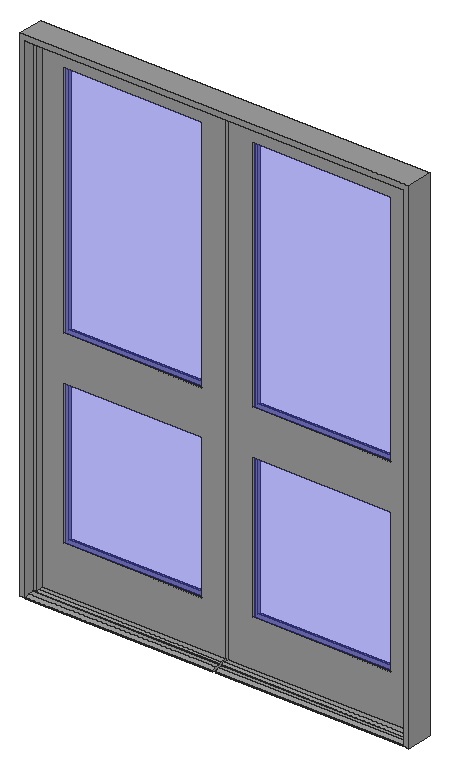
Revit family "MSD-375BM DOOR-Double-1-PD-CW_v04", category Curtain Panels, Revit 2015
Parameters
  Width [instance] = 6' - 2"
  URL = "obe.com"
  Rough Width [instance] = 6' - 0"
  Panel Width [instance] = Min Rough Width - 0' 3"  # 5' - 11"
  Panel Offset [instance] = 0' - 0"
  Offset [instance] = 0' - 1"
  Model = "MSD-375 DOOR"
  Min Rough Width [instance] = if(Rough Width > 6' 1 255/256", Rough Width, 6' 2")  # 6' - 2"
  Min Panel Width [instance] = if(Rough Width > 6' 1 255/256", Rough Width - 0' 2", 6' 0")  # 6' - 0"
  Manufacturer = "Oldcastle BuildingEnvelope®"
  Keynote = "08 11 00"
  Height [instance] = 8' - 0"
  Pushbar Height [instance] = 3' - 5 1/4"  # constant formula
  Glass Material = Glass
  Frame Material = Aluminum
  Door Panel Height [instance] = Height - 0' 0 3/4"  # 7' - 11 1/4"
  Description = "MSD-375 - 1\" Door Infill"
  Assembly Code = "B2030"
  Analytic Construction = "<None>"
  8 Muntin [instance] = not([6.5 Muntin])  # no
  6.5 Muntin [instance] = yes
Reference planes (in)
  plane 1 "Front": y = 0
  plane 2: z = 0
  plane 3 "Center (Left/Right)": x = 0
  plane 4 "Left": x = -37
  plane 5 "Right": x = 37
  plane 6 "Top": z = 96
  plane 7 "Offset": y = -1
  plane 8: y = -1.86325
  plane 9: y = -1.86325
  plane 10: x = -37
  plane 11: x = 37
Forms (in)
  Sweep 1, solid, material "Aluminum" <- "Frame Material"
    path origin (0, -1, 0) x (-1, 0, 0) y (0, 0, 1)
      loop
        line (37, 0) -> (37, 96)
    profile origin (-37, -1, 48) x (1, 0, 0) y (0, 1, 0)
      loop
        line (1, -1.875) -> (1, 0) -> (0, 0) -> (0, -5) -> (1, -5) -> (1, -3.26476) -> (1.75, -3.26476) -> (1.75, -1.875) -> (1, -1.875)
  Sweep 2, solid, material "Aluminum" <- "Frame Material"
    path origin (0, -1, 0) x (-1, 0, 0) y (0, 0, 1)
      loop
        line (-37, 0) -> (-37, 96)
    profile origin (37, -1, 48) x (1, 0, 0) y (0, 1, 0)
      loop
        line (-1, -1.875) -> (-1.75, -1.875) -> (-1.75, -3.26476) -> (-1, -3.26476) -> (-1, -5) -> (0, -5) -> (0, 0) -> (-1, 0) -> (-1, -1.875)
  Sweep 3, solid, material "Aluminum" <- "Frame Material"
    path origin (0, -1, 0) x (-1, 0, 0) y (0, 0, 1)
      loop
        line (-37, 96) -> (37, 96)
    profile origin (0, -1, 96) x (0, 0, 1) y (0, 1, 0)
      loop
        line (-1, 0) -> (-1, -1.875) -> (-1.75, -1.875) -> (-1.75, -3.26476) -> (-1, -3.26476) -> (-1, -5) -> (0, -5) -> (0, 0) -> (-1, 0)
Cuts and joins
  joined: Sweep 1, Sweep 2, Sweep 3
Text (in)
  text "Exterior" at (-54.29358, 31.38743, 0), in view "Ref. Level"
  text "Exterior" at (480, 41.53993, 89.60405), in view "Right"
  text "Exterior" at (-240, 57.82419, 105.78864), in view "Left"
Dimensions and locks (in)
  equal spacing: plane 4 "Left", plane 3 "Center (Left/Right)", plane 5 "Right"
  "Width": plane 4 "Left" to plane 5 "Right"
  "Height": plane 6 "Top" to plane 2
  "Offset": plane 1 "Front" to plane 7 "Offset"
  locked: plane 7 "Offset" to plane 9 at 0.86325
  locked: plane 7 "Offset" to nested 2 at 0.86325
  locked: plane 6 "Top" to nested 2 at 1.25
  locked: plane 7 "Offset" to plane 8 at 0.86325
  equal spacing: plane 10, plane 3 "Center (Left/Right)", plane 11
  "Min Rough Width": plane 10 to plane 11
  locked: nested 3 to plane 10 at 1.25
  locked: plane 11 to nested 4 at 1.25
  aligned and locked: level to plane 2
  aligned and locked: plane 6 "Top" to Sweep 1 sketch curve
  aligned and locked: level to Sweep 1 sketch curve
  aligned and locked: plane 6 "Top" to Sweep 2 sketch curve
  aligned and locked: level to Sweep 2 sketch curve
  aligned and locked: plane 3 "Center (Left/Right)" to nested 1
  aligned and locked: plane 6 "Top" to Sweep 3 sketch curve
  aligned and locked: plane 9 to nested 3
  aligned and locked: plane 8 to nested 4
  aligned and locked: plane 11 to Sweep 2 sketch curve
  aligned and locked: Sweep 1 sketch curve to plane 10
  aligned and locked: plane 10 to Sweep 3 sketch curve
  aligned and locked: plane 11 to Sweep 3 sketch curve
  aligned and locked: nested 1 to plane 7 "Offset"
Automatic sketch dimensions
  Sweep 1 sketch curve to profile plane = 0' - 0"
  Sweep 1 sketch curve to plane 7 "Offset" = 0' - 0"
  Sweep 1 sketch curve to profile plane = 0' - 1"  (x2)
  Sweep 1 sketch curve to Sweep 1 sketch curve = 0' - 0 3/4"
  Sweep 1 sketch curve to plane 7 "Offset" = 0' - 1 7/8"
  Sweep 1 sketch curve to Sweep 1 sketch curve = 0' - 1.38976"
  Sweep 1 sketch curve to Sweep 1 sketch curve = 0' - 1.73524"
  Sweep 2 sketch curve to plane 7 "Offset" = 0' - 0"
  Sweep 2 sketch curve to profile plane = 0' - 0"
  profile plane to Sweep 2 sketch curve = 0' - 1"
  Sweep 2 sketch curve to Sweep 2 sketch curve = 0' - 1"
  Sweep 2 sketch curve to Sweep 2 sketch curve = 0' - 0 3/4"
  Sweep 2 sketch curve to plane 7 "Offset" = 0' - 1 7/8"
  Sweep 2 sketch curve to Sweep 2 sketch curve = 0' - 1.38976"
  Sweep 2 sketch curve to Sweep 2 sketch curve = 0' - 1.73524"
  Sweep 3 sketch curve to plane 7 "Offset" = 0' - 0"
  profile plane to Sweep 3 sketch curve = 0' - 0"
  profile plane to Sweep 3 sketch curve = 0' - 1"
  Sweep 3 sketch curve to plane 7 "Offset" = 0' - 1 7/8"
  Sweep 3 sketch curve to Sweep 3 sketch curve = 0' - 0 3/4"  (x2)
  Sweep 3 sketch curve to Sweep 3 sketch curve = 0' - 1.38976"
  Sweep 3 sketch curve to Sweep 3 sketch curve = 0' - 1.73524"
Nested families (in)
  nested 1: "MSD-375BM DOOR-Double-1-PD-Panel_v03" at (0, -16, 0), Frame Material <- "Frame Material", Glass Material <- "Glass Material", 6.5 Muntin <- "6.5 Muntin", 8 Muntin <- "8 Muntin", Height <- "Door Panel Height", Width <- "Min Panel Width", Offset <- "Offset", type "MSD-375 DOOR-Double-1-Panel"
    with Wing Width 3' - 0", built-in parameter 1001301 6' - 0", Pushbar Height 3' - 5 1/4", Offset 0' - 1", built-in parameter 1001300 7' - 11 1/4", Glass at Muntin 0' - 6 15/16", Glass Material Glass, Frame Material Aluminum, 8 Muntin no, 6.5 Muntin yes
  nested 2: "TOP FRAME" at (-33, -1.86325, 97.25) x (0, -1, 0) z (-1, 0, 0), type "TOP FRAME"
  nested 3: "EDGE FRAME R" at (-38.25, -1.86325, 0) x (-1, 0, 0) z (0, 0, 1), type "EDGE FRAME R"
  nested 4: "EDGE FRAME R" at (38.25, -1.86325, 0), type "EDGE FRAME R"
Definition of nested family "MSD-375BM DOOR-Double-1-PD-Panel_v03"
  Parameters (values of type "MSD-375 DOOR-Double-1-Panel")
    Wing Width [instance] = Width / 2  # 2' - 6"
    Width [instance] = 5' - 0"
    Offset [instance] = 0' - 2.42695"
    Height [instance] = 8' - 0"
    Glass at Muntin [instance] = if([6.5 Muntin], 0' 6 15/16", 0' 8 7/16")  # 0' - 6 15/16"
    Pushbar Height [instance] = 3' - 5 1/4"  # constant formula
    Glass Material [instance] = none
    Frame Material [instance] = none
    Analytic Construction = "<None>"
    8 Muntin [instance] = not([6.5 Muntin])  # no
    6.5 Muntin [instance] = yes
  Reference planes (in)
    plane 1 "00": y = 12.4793
    plane 2: z = 0
    plane 3 "Center (Left/Right)": x = 0
    plane 4: z = 96
    plane 5: x = -30
    plane 6: x = 30
    plane 7 "Center (Front/Back)": y = 16
    plane 8: z = 48
    plane 9: z = 8.90625
    plane 10: z = 44.71875
    plane 11: z = 37.78125
    plane 12: z = 92.406
    plane 13: z = 0
    plane 14: x = -25.9065
    plane 15: x = 25.9065
    plane 16 "Offset": y = 13.57305
    plane 17: z = 41.25
  Forms (in)
    Sweep 1, solid, material <- "Frame Material"
      path origin (0, 12.4793, 0) x (1, 0, 0) y (0, 0, 1)
        loop
          line (-29.8285, 96) -> (-0.22003, 96)
      profile origin (-15.02427, 12.4793, 96) x (0, 0, 1) y (0, -1, 0)
        loop
          line (-0.25, -0.957) -> (-0.25, 0.793) -> (-4.375, 0.793) -> (-4.375, 0.5) -> (-3.594, 0.5) -> (-3.594, -0.5) -> (-4.375, -0.5) -> (-4.375, -0.957) -> (-0.25, -0.957)
    Sweep 2, solid, material <- "Frame Material"
      path origin (0, 12.4793, 0) x (1, 0, 0) y (0, 0, 1)
        loop
          line (-0.22003, 0) -> (-29.8285, 0)
      profile origin (-15.02427, 12.4793, 0) x (0, 0, -1) y (0, -1, 0)
        loop
          line (-0.562, 2.3005) -> (-0.844, 1.8115) -> (-0.844, 0.793) -> (-9.6875, 0.793) -> (-9.6875, 0.5) -> (-8.9065, 0.5) -> (-8.9065, -0.5) -> (-9.6875, -0.5) -> (-9.6875, -0.957) -> (-0.5, -0.957) -> (-0.125, -1.707) -> (0, -1.707) -> (0, 3.918) -> (-0.125, 3.918) -> (-0.5, 3.168) -> (-0.5, 2.3005) -> (-0.562, 2.3005)
    Sweep 3, solid, material <- "Frame Material"
      path origin (0, 12.4793, 0) x (1, 0, 0) y (0, 0, 1)
        loop
          line (30, 95.75) -> (30, 0)
      profile origin (30, 12.4793, 47.875) x (0, -1, 0) y (1, 0, 0)
        loop
          line (-0.957, -0.0625) -> (-0.957, -4.80702) -> (-0.5, -4.80702) -> (-0.5, -4.0935) -> (0.5, -4.0935) -> (0.5, -4.80702) -> (0.793, -4.80702) -> (0.793, -0.1715) -> (-0.957, -0.0625)
    Sweep 4, solid, material <- "Frame Material"
      path origin (0, 12.4793, 0) x (1, 0, 0) y (0, 0, 1)
        loop
          line (-30, 95.75) -> (-30, 0)
      profile origin (-30, 12.4793, 47.875) x (0, -1, 0) y (1, 0, 0)
        loop
          line (0.793, 4.8125) -> (0.5, 4.8125) -> (0.5, 4.0935) -> (-0.5, 4.0935) -> (-0.5, 4.8125) -> (-0.957, 4.8125) -> (-0.957, 0.0625) -> (0.793, 0.1715) -> (0.793, 4.8125)
    Sweep 5, solid, material <- "Frame Material"
      path origin (0, 12.4793, 0) x (1, 0, 0) y (0, 0, 1)
        loop
          line (-4.09349, 48) -> (-25.9065, 48)
      profile origin (-15, 12.4793, 48) x (0, 0, -1) y (0, -1, 0)
        loop
          line (2.50025, -0.5) -> (2.50025, -0.957) -> (11.00025, -0.957) -> (11.00025, -0.5) -> (10.21875, -0.5) -> (10.21875, 0.5) -> (11.00025, 0.5) -> (11.00025, 0.793) -> (2.50025, 0.793) -> (2.50025, 0.5) -> (3.28125, 0.5) -> (3.28125, -0.5) -> (2.50025, -0.5)
    Sweep 6, solid, material <- "Frame Material"
      path origin (0, 12.4793, 0) x (1, 0, 0) y (0, 0, 1)
        loop
          line (0, 95.75) -> (0, 0)
      profile origin (0, 12.4793, 47.875) x (0, -1, 0) y (1, 0, 0)
        loop
          line (-0.957, -4.81249) -> (-0.5, -4.81249) -> (-0.5, -4.09349) -> (0.5, -4.09349) -> (0.5, -4.81249) -> (0.793, -4.81249) -> (0.793, -0.22003)
          arc (0.793, -0.22003) -> (-0.082, -0.06251) -> (-0.957, -0.22003) r 2.50889
          line (-0.957, -0.22003) -> (-0.957, -4.81249)
        loop
          line (0.793, 0.22063) -> (0.793, 4.81251) -> (0.5, 4.81251) -> (0.5, 4.09351) -> (-0.5, 4.09351) -> (-0.5, 4.81251) -> (-0.957, 4.81251) -> (-0.957, 0.22063)
          arc (-0.957, 0.22063) -> (-0.082, 0.06251) -> (0.793, 0.22063) r 2.5
    Sweep 7, solid, material <- "Frame Material"
      path origin (0, 12.4793, 0) x (1, 0, 0) y (0, 0, 1)
        loop
          line (0.22063, 96) -> (29.8285, 96)
      profile origin (15.02457, 12.4793, 96) x (0, 0, 1) y (0, -1, 0)
        loop
          line (-4.5, -0.957) -> (-0.25, -0.957) -> (-0.25, 0.793) -> (-4.5, 0.793) -> (-4.5, 0.5) -> (-3.594, 0.5) -> (-3.594, -0.5) -> (-4.5, -0.5) -> (-4.5, -0.957)
    Sweep 8, solid, material <- "Frame Material"
      path origin (0, 12.4793, 0) x (1, 0, 0) y (0, 0, 1)
        loop
          line (25.9065, 48) -> (4.09351, 48)
      profile origin (15.00001, 12.4793, 48) x (0, 0, -1) y (0, -1, 0)
        loop
          line (2.50025, 0.5) -> (3.28125, 0.5) -> (3.28125, -0.5) -> (2.50025, -0.5) -> (2.50025, -0.957) -> (11.00025, -0.957) -> (11.00025, -0.5) -> (10.21875, -0.5) -> (10.21875, 0.5) -> (11.00025, 0.5) -> (11.00025, 0.793) -> (2.50025, 0.793) -> (2.50025, 0.5)
    Sweep 9, solid, material <- "Frame Material"
      path origin (0, 12.4793, 0) x (1, 0, 0) y (0, 0, 1)
        loop
          line (29.8285, 0) -> (0.22063, 0)
      profile origin (15.02457, 12.4793, 0) x (0, 0, -1) y (0, -1, 0)
        loop
          line (-0.5, -0.957) -> (-0.125, -1.707) -> (0, -1.707) -> (0, 3.918) -> (-0.125, 3.918) -> (-0.5, 3.168) -> (-0.5, 2.3005) -> (-0.562, 2.3005) -> (-0.844, 1.8115) -> (-0.844, 0.793) -> (-9.6875, 0.793) -> (-9.6875, 0.5) -> (-8.90625, 0.5) -> (-8.90625, -0.5) -> (-9.6875, -0.5) -> (-9.6875, -0.957) -> (-0.5, -0.957)
    Extrusion 10, solid, material <- "Glass Material", detail levels coarse
      sketch origin (0, 0, 0) x (1, 0, 0) y (0, 1, 0)
        loop
          line (4.09351, 12.9793) -> (4.09351, 11.9793) -> (25.9065, 11.9793) -> (25.9065, 12.9793) -> (4.09351, 12.9793)
      from 37.78125 to 8.90625
    Extrusion 11, solid, material <- "Glass Material", detail levels medium+fine
      sketch origin (0, 0, 0) x (1, 0, 0) y (0, 1, 0)
        loop
          line (4.09351, 12.9793) -> (4.09351, 12.7293) -> (25.9065, 12.7293) -> (25.9065, 12.9793) -> (4.09351, 12.9793)
        loop
          line (25.9065, 12.2293) -> (4.09351, 12.2293) -> (4.09351, 11.9793) -> (25.9065, 11.9793) -> (25.9065, 12.2293)
      from 8.90625 to 37.78125
    Extrusion 12, solid, material <- "Glass Material", detail levels medium+fine
      sketch origin (0, 0, 0) x (1, 0, 0) y (0, 1, 0)
        loop
          line (25.9065, 12.9793) -> (4.09351, 12.9793) -> (4.09351, 12.7293) -> (25.9065, 12.7293) -> (25.9065, 12.9793)
        loop
          line (25.9065, 12.2293) -> (4.09351, 12.2293) -> (4.09351, 11.9793) -> (25.9065, 11.9793) -> (25.9065, 12.2293)
      from 44.71875 to 92.406
    Extrusion 13, solid, material <- "Glass Material", detail levels coarse
      sketch origin (0, 0, 0) x (1, 0, 0) y (0, 1, 0)
        loop
          line (4.09351, 12.9793) -> (4.09351, 11.9793) -> (25.9065, 11.9793) -> (25.9065, 12.9793) -> (4.09351, 12.9793)
      from 44.71875 to 92.406
    Extrusion 14, solid, material <- "Glass Material", detail levels medium+fine
      sketch origin (0, 0, 0) x (1, 0, 0) y (0, 1, 0)
        loop
          line (-4.09349, 12.9793) -> (-25.9065, 12.9793) -> (-25.9065, 12.7293) -> (-4.09349, 12.7293) -> (-4.09349, 12.9793)
        loop
          line (-25.9065, 12.2293) -> (-25.9065, 11.9793) -> (-4.09349, 11.9793) -> (-4.09349, 12.2293) -> (-25.9065, 12.2293)
      from 8.90625 to 37.78125
    Extrusion 15, solid, material <- "Glass Material", detail levels coarse
      sketch origin (0, 0, 0) x (1, 0, 0) y (0, 1, 0)
        loop
          line (-4.09349, 12.9793) -> (-25.9065, 12.9793) -> (-25.9065, 11.9793) -> (-4.09349, 11.9793) -> (-4.09349, 12.9793)
      from 44.71875 to 92.406
    Extrusion 16, solid, material <- "Glass Material", detail levels coarse
      sketch origin (0, 0, 0) x (1, 0, 0) y (0, 1, 0)
        loop
          line (-25.9065, 12.9793) -> (-25.9065, 11.9793) -> (-4.09349, 11.9793) -> (-4.09349, 12.9793) -> (-25.9065, 12.9793)
      from 8.90625 to 37.78125
    Extrusion 17, solid, material <- "Glass Material", detail levels medium+fine
      sketch origin (0, 0, 0) x (1, 0, 0) y (0, 1, 0)
        loop
          line (-4.09349, 11.9793) -> (-4.09349, 12.2293) -> (-25.9065, 12.2293) -> (-25.9065, 11.9793) -> (-4.09349, 11.9793)
        loop
          line (-25.9065, 12.7293) -> (-4.09349, 12.7293) -> (-4.09349, 12.9793) -> (-25.9065, 12.9793) -> (-25.9065, 12.7293)
      from 44.71875 to 92.406
  Cuts and joins
    joined: Sweep 1, Sweep 2, Sweep 3, Sweep 4, Sweep 5, Sweep 6, Sweep 7, Sweep 8, Sweep 9
  Lines and regions (in)
    model lines
      curve 1: line (4.09351, 12.4793, 92.406) -> (25.19298, 12.4793, 48)
      curve 2: line (25.19298, 12.4793, 48) -> (4.09351, 12.4793, 8.90625)
      curve 3: line (-4.09349, 12.4793, 92.406) -> (-25.1875, 12.4793, 48)
      curve 4: line (-25.1875, 12.4793, 48) -> (-4.09349, 12.4793, 8.90625)
  Dimensions and locks (in)
    "Height": plane 4 to level
    equal spacing: plane 5, plane 3 "Center (Left/Right)", plane 6
    "Offset": plane 16 "Offset" to plane 7 "Center (Front/Back)"
    equal spacing: level, plane 8, plane 4
    locked: plane 3 "Center (Left/Right)" to Sweep 2 sketch curve at 0.22003
    locked: Sweep 3 sketch curve to plane 4 at 0.25
    locked: Sweep 4 sketch curve to plane 4 at 0.25
    locked: plane 3 "Center (Left/Right)" to Sweep 1 sketch curve at 0.22003
    locked: plane 3 "Center (Left/Right)" to Sweep 5 sketch curve at 4.09349
    locked: Sweep 7 sketch curve to plane 3 "Center (Left/Right)" at 0.22063
    locked: Sweep 8 sketch curve to plane 3 "Center (Left/Right)" at 4.09351
    locked: Sweep 9 sketch curve to plane 3 "Center (Left/Right)" at 0.22063
    locked: Sweep 6 sketch curve to plane 4 at 0.25
    equal spacing: plane 4, plane 8, plane 13
    locked: plane 4 to plane 12 at 3.594
    locked: plane 9 to plane 13 at 8.90625
    locked: plane 5 to plane 14 at 4.0935
    locked: plane 15 to plane 6 at 4.0935
    locked: Sweep 2 sketch curve to plane 5 at 0.1715
    locked: plane 6 to Sweep 9 sketch curve at 0.1715
    "Width": plane 5 to plane 6
    locked: plane 1 "00" to plane 16 "Offset" at 1.09375
    locked: plane 11 to Sweep 8 sketch curve at 0.7815  (x2)
    locked: Sweep 8 sketch curve to plane 10 at 0.781
    locked: plane 10 to Sweep 8 sketch curve at 0.781
    locked: plane 11 to Sweep 5 sketch curve at 0.7815  (x2)
    locked: Sweep 5 sketch curve to plane 10 at 0.781  (x2)
    locked: plane 6 to Sweep 7 sketch curve at 0.1715
    locked: Sweep 1 sketch curve to plane 5 at 0.1715
    locked: Sweep 5 sketch curve to plane 5 at 4.0935
    plane 16 "Offset" to Extrusion 13 sketch curve to Extrusion 13 sketch curve = 0' - 0 19/32" locked, 0' - 1" locked
    Extrusion 12 sketch curve to Extrusion 12 sketch curve to plane 16 "Offset" = 0' - 0 1/4" locked, 0' - 0 19/32" locked
    Extrusion 17 sketch curve to Extrusion 17 sketch curve to Extrusion 17 sketch curve to Extrusion 17 sketch curve to plane 16 "Offset" = 0' - 0 1/4" locked, 0' - 0 1/2" locked, 0' - 0 1/4" locked, 0' - 0 19/32" locked
    Extrusion 15 sketch curve to Extrusion 15 sketch curve to plane 16 "Offset" = 0' - 1" locked, 0' - 0 19/32" locked
    plane 16 "Offset" to Extrusion 11 sketch curve to Extrusion 11 sketch curve to Extrusion 11 sketch curve to Extrusion 11 sketch curve = 0' - 0 19/32" locked, 0' - 0 1/4" locked, 0' - 0 1/2" locked, 0' - 0 1/4" locked
    plane 16 "Offset" to Extrusion 10 sketch curve to Extrusion 10 sketch curve = 0' - 0 19/32" locked, 0' - 1" locked
    plane 16 "Offset" to Extrusion 16 sketch curve to Extrusion 16 sketch curve = 0' - 0 19/32" locked, 0' - 1" locked
    Extrusion 14 sketch curve to Extrusion 14 sketch curve to Extrusion 14 sketch curve to Extrusion 14 sketch curve to plane 16 "Offset" = 0' - 0 1/4" locked, 0' - 0 1/2" locked, 0' - 0 1/4" locked, 0' - 0 19/32" locked
    "Glass at Muntin": plane 10 to plane 11
    equal spacing: plane 11, plane 17, plane 10
    "Pushbar Height": level to plane 17
    locked: plane 6 to Sweep 8 sketch curve at 4.0935
    aligned and locked: plane 2 to level
    aligned and locked: plane 3 "Center (Left/Right)" to nested 1
    aligned and locked: Sweep 1 sketch curve to plane 4
    aligned and locked: Sweep 2 sketch curve to level
    aligned and locked: level to nested 2
    aligned and locked: nested 2 to plane 1 "00"
    aligned and locked: level to Sweep 3 sketch curve
    aligned and locked: level to Sweep 4 sketch curve
    aligned and locked: Sweep 5 sketch curve to plane 8
    aligned and locked: plane 3 "Center (Left/Right)" to Sweep 6 sketch curve
    aligned and locked: level to Sweep 6 sketch curve
    aligned and locked: Sweep 9 sketch curve to level
    aligned and locked: Sweep 8 sketch curve to plane 8
    aligned and locked: plane 4 to Sweep 7 sketch curve
    aligned and locked: Extrusion 14 to plane 9
    aligned and locked: plane 11 to Extrusion 14
    aligned and locked: Extrusion 15 to plane 10
    aligned and locked: plane 12 to Extrusion 15
    aligned and locked: Extrusion 17 to plane 10
    aligned and locked: plane 12 to Extrusion 17
    aligned and locked: Extrusion 16 to plane 9
    aligned and locked: plane 11 to Extrusion 16
    aligned and locked: Extrusion 12 to plane 10
    aligned and locked: plane 12 to Extrusion 12
    aligned and locked: plane 12 to Extrusion 13
    aligned and locked: Extrusion 13 to plane 10
    aligned and locked: plane 11 to Extrusion 10
    aligned and locked: plane 11 to Extrusion 11
    aligned and locked: Extrusion 11 to plane 9
    aligned and locked: Extrusion 10 to plane 9
    aligned and locked: plane 8 to curve 4
    aligned and locked: Sweep 3 sketch curve to plane 6
    aligned and locked: Sweep 4 sketch curve to plane 5
    aligned and locked: Extrusion 13 to plane 15
    aligned and locked: Extrusion 15 to plane 14
    aligned and locked: Extrusion 16 to plane 14
    aligned and locked: Extrusion 12 to plane 15
    aligned and locked: plane 1 "00" to nested 1
    aligned and locked: Extrusion 16 to nested 1
    aligned and locked: Extrusion 14 to nested 1  (x2)
  Automatic sketch dimensions
    plane 3 "Center (Left/Right)" to Extrusion 13 sketch curve = 0' - 4.09351"
    Extrusion 13 sketch curve to plane 15 = 0' - 0"
    Extrusion 15 sketch curve to plane 14 = 0' - 0"
    Extrusion 15 sketch curve to plane 3 "Center (Left/Right)" = 0' - 4.09349"
    Extrusion 16 sketch curve to plane 14 = 0' - 0"
    Extrusion 16 sketch curve to plane 3 "Center (Left/Right)" = 0' - 4.09349"
    Extrusion 10 sketch curve to plane 15 = 0' - 0"
    plane 3 "Center (Left/Right)" to Extrusion 10 sketch curve = 0' - 4.09351"
    Sweep 5 sketch curve to plane 1 "00" = 0' - 0.957"
    Sweep 5 sketch curve to plane 1 "00" = 0' - 0 1/2"  (x2)
    plane 1 "00" to Sweep 5 sketch curve = 0' - 0 1/2"  (x2)
    Sweep 5 sketch curve to Sweep 5 sketch curve = 0' - 0.7815"
    Sweep 5 sketch curve to Sweep 5 sketch curve = 0' - 0.781"
    Sweep 5 sketch curve to Sweep 5 sketch curve = 0' - 0.293"
    Sweep 9 sketch curve to profile plane = 0' - 0"
    profile plane to Sweep 9 sketch curve = 0' - 0 1/8"  (x2)
    profile plane to Sweep 9 sketch curve = 0' - 0 1/2"  (x2)
    Sweep 9 sketch curve to Sweep 9 sketch curve = 0' - 0.062"
    Sweep 9 sketch curve to Sweep 9 sketch curve = 0' - 0.282"
    Sweep 9 sketch curve to plane 1 "00" = 0' - 0 1/2"
    Sweep 9 sketch curve to Sweep 9 sketch curve = 0' - 8.06225"
    Sweep 9 sketch curve to Sweep 9 sketch curve = 0' - 0 25/32"  (x2)
    Sweep 9 sketch curve to plane 1 "00" = 0' - 0.957"
    Sweep 9 sketch curve to Sweep 9 sketch curve = 0' - 0 3/4"  (x2)
    plane 1 "00" to Sweep 9 sketch curve = 0' - 0 1/2"
    Sweep 9 sketch curve to Sweep 9 sketch curve = 0' - 0.293"
    Sweep 9 sketch curve to Sweep 9 sketch curve = 0' - 1.0185"
    Sweep 9 sketch curve to Sweep 9 sketch curve = 0' - 0.489"
    Sweep 9 sketch curve to Sweep 9 sketch curve = 0' - 0.8675"
    plane 1 "00" to Sweep 2 sketch curve = 0' - 2.3005"
    Sweep 2 sketch curve to Sweep 2 sketch curve = 0' - 0.282"
    Sweep 2 sketch curve to Sweep 2 sketch curve = 0' - 0.062"
    Sweep 2 sketch curve to Sweep 2 sketch curve = 0' - 0.489"
    profile plane to Sweep 2 sketch curve = 0' - 0 1/2"  (x2)
    profile plane to Sweep 2 sketch curve = 0' - 0 1/8"  (x2)
    Sweep 2 sketch curve to plane 1 "00" = 0' - 1.707"
    Sweep 2 sketch curve to Sweep 2 sketch curve = 0' - 0 3/4"  (x2)
    Sweep 2 sketch curve to Sweep 2 sketch curve = 0' - 0.8675"
    plane 1 "00" to Sweep 2 sketch curve = 0' - 0.793"
    Sweep 2 sketch curve to Sweep 2 sketch curve = 0' - 8.8435"
    Sweep 2 sketch curve to Sweep 2 sketch curve = 0' - 0"
    Sweep 2 sketch curve to Sweep 2 sketch curve = 0' - 0.457"
    Sweep 2 sketch curve to Sweep 2 sketch curve = 0' - 0.781"
    Sweep 2 sketch curve to Sweep 2 sketch curve = 0' - 0.293"
    Sweep 2 sketch curve to profile plane = 0' - 0"
    Sweep 8 sketch curve to Sweep 8 sketch curve = 0' - 0.781"
    Sweep 8 sketch curve to Sweep 8 sketch curve = 0' - 0.7815"
    Sweep 8 sketch curve to plane 1 "00" = 0' - 0.957"
    Sweep 8 sketch curve to plane 1 "00" = 0' - 0 1/2"  (x2)
    plane 1 "00" to Sweep 8 sketch curve = 0' - 0 1/2"  (x2)
    Sweep 8 sketch curve to Sweep 8 sketch curve = 0' - 0.293"
    profile plane to Sweep 3 sketch curve = 0' - 0 1/16"
    Sweep 3 sketch curve to plane 1 "00" = 0' - 0.957"
    Sweep 3 sketch curve to plane 1 "00" = 0' - 0 1/2"
    plane 1 "00" to Sweep 3 sketch curve = 0' - 0 1/2"
    profile plane to Sweep 3 sketch curve = 0' - 0.1715"
    plane 1 "00" to Sweep 3 sketch curve = 0' - 0.793"
    Sweep 3 sketch curve to Sweep 3 sketch curve = 0' - 3.922"
    Sweep 3 sketch curve to Sweep 3 sketch curve = 0' - 0.71352"  (x2)
    Sweep 4 sketch curve to plane 1 "00" = 0' - 0.957"
    Sweep 4 sketch curve to Sweep 4 sketch curve = 0' - 0.457"
    plane 1 "00" to Sweep 4 sketch curve = 0' - 0 1/2"
    Sweep 4 sketch curve to Sweep 4 sketch curve = 0' - 0.293"
    Sweep 4 sketch curve to profile plane = 0' - 0 1/16"
    Sweep 4 sketch curve to profile plane = 0' - 0.1715"
    Sweep 4 sketch curve to Sweep 4 sketch curve = 0' - 4.031"
    Sweep 4 sketch curve to Sweep 4 sketch curve = 0' - 0.719"  (x2)
    Extrusion 12 sketch curve to plane 15 = 0' - 0"  (x2)
    plane 1 "00" to Extrusion 12 sketch curve = 0' - 0 1/2"
    plane 3 "Center (Left/Right)" to Extrusion 12 sketch curve = 0' - 4.09351"
    Extrusion 12 sketch curve to Extrusion 12 sketch curve = 0' - 0"
    plane 1 "00" to Extrusion 12 sketch curve = 0' - 0 1/4"
    Extrusion 17 sketch curve to plane 14 = 0' - 0"  (x2)
    Extrusion 17 sketch curve to plane 3 "Center (Left/Right)" = 0' - 4.09349"
    Extrusion 17 sketch curve to Extrusion 17 sketch curve = 0' - 0"
    Sweep 6 sketch curve to plane 1 "00" = 0' - 0.957"
    Sweep 6 sketch curve to Sweep 6 sketch curve = 0' - 0"  (x2)
    Sweep 6 sketch curve to plane 1 "00" = 0' - 0 1/2"  (x2)
    Sweep 6 sketch curve to plane 1 "00" = 0' - 0.082"  (x2)
    plane 1 "00" to Sweep 6 sketch curve = 0' - 0 1/2"  (x2)
    profile plane to Sweep 6 sketch curve = 0' - 0.22003"
    plane 1 "00" to Sweep 6 sketch curve = 0' - 0.793"
    Sweep 6 sketch curve to profile plane = 0' - 0.22063"
    Sweep 6 sketch curve to Sweep 6 sketch curve = 0' - 2.35137"
    Sweep 6 sketch curve to Sweep 6 sketch curve = 0' - 1.52209"
    Sweep 6 sketch curve to Sweep 6 sketch curve = 0' - 0.719"  (x2)
    Sweep 6 sketch curve to Sweep 6 sketch curve = 0' - 2.34187"
    Sweep 6 sketch curve to Sweep 6 sketch curve = 0' - 1.53101"
    Sweep 6 sketch curve to Sweep 6 sketch curve = 0' - 0.71899"  (x2)
    Extrusion 11 sketch curve to plane 15 = 0' - 0"  (x2)
    plane 3 "Center (Left/Right)" to Extrusion 11 sketch curve = 0' - 4.09351"
    Extrusion 11 sketch curve to Extrusion 11 sketch curve = 0' - 0"
    Extrusion 14 sketch curve to plane 14 = 0' - 0"  (x2)
    Extrusion 14 sketch curve to plane 3 "Center (Left/Right)" = 0' - 4.09349"
    Extrusion 14 sketch curve to Extrusion 14 sketch curve = 0' - 0"
    Sweep 7 sketch curve to plane 1 "00" = 0' - 0.957"
    profile plane to Sweep 7 sketch curve = 0' - 4 1/2"
    Sweep 7 sketch curve to Sweep 7 sketch curve = 0' - 0"
    Sweep 7 sketch curve to Sweep 7 sketch curve = 0' - 0.906"
    profile plane to Sweep 7 sketch curve = 0' - 0 1/4"
    Sweep 7 sketch curve to Sweep 7 sketch curve = 0' - 0.457"
    plane 1 "00" to Sweep 7 sketch curve = 0' - 0 1/2"
    Sweep 7 sketch curve to Sweep 7 sketch curve = 0' - 0.293"
    Sweep 1 sketch curve to plane 1 "00" = 0' - 0.957"
    profile plane to Sweep 1 sketch curve = 0' - 4 3/8"
    Sweep 1 sketch curve to Sweep 1 sketch curve = 0' - 0"
    Sweep 1 sketch curve to Sweep 1 sketch curve = 0' - 0.781"
    profile plane to Sweep 1 sketch curve = 0' - 0 1/4"
    Sweep 1 sketch curve to Sweep 1 sketch curve = 0' - 0.457"
    plane 1 "00" to Sweep 1 sketch curve = 0' - 0 1/2"
    plane 1 "00" to Sweep 1 sketch curve = 0' - 0.793"
    curve 3 to plane 12 = 0' - 0"
    curve 4 to plane 9 = 0' - 0"
    curve 2 to plane 9 = 0' - 0"
    curve 1 to plane 12 = 0' - 0"
    curve 2 to plane 8 = 0' - 0"
    plane 14 to curve 4 = 0' - 0.719"
    plane 15 to curve 2 = 0' - 0.71352"
    curve 3 to plane 3 "Center (Left/Right)" = 0' - 4.09349"
    curve 4 to plane 3 "Center (Left/Right)" = 0' - 4.09349"
    plane 3 "Center (Left/Right)" to curve 2 = 0' - 4.09351"
    plane 3 "Center (Left/Right)" to curve 1 = 0' - 4.09351"
  Nested families (in)
    nested 1: "MSD-375BM DOOR-Double-1-PD-Plan View_v02" at (0, 12.4793, 0), Wing Width <- "Wing Width", type "MSD-375BM DOOR-Double-1-PD-Plan View_v02"
      with Wing Width 2' - 6", Width 5' - 0"
    nested 2: "MSD-375BM DOOR-Double-1-PD-Section_v02" at (0, 12.4793, 0) x (0, -1, 0) z (1, 0, 0), Height <- "Height", 8 Muntin <- "8 Muntin", 6.5 Muntin <- "6.5 Muntin", type "MSD-375BM DOOR-Double-1-PD-Section_v02"
      with Pushbar Height 3' - 5 1/4", Height 8' - 0", Glass at Muntins 0' - 6 15/16", 8 Muntin no, 6.5 Muntin yes
  Definition of nested family "MSD-375BM DOOR-Double-1-PD-Plan View_v02"
    Parameters (values of type "MSD-375BM DOOR-Double-1-PD-Plan View_v02")
      Wing Width [instance] = 3' - 0"
      Width [instance] = Wing Width * 2  # 6' - 0"
    Reference planes (in)
      plane 1 "Center (Front/Back)": y = 0
      plane 2: z = 0
      plane 3 "Center (Left/Right)": x = 0
      plane 4: x = -36
      plane 5: x = 36
      plane 6: x = -34.59375
      plane 7: x = 34.59375
      plane 8: y = 37.34375
      plane 9: y = 33.18774
      plane 10: y = 5.37475
      plane 11: x = -4.09349
      plane 12: x = -31.9065
      plane 13: x = 4.09351
      plane 14: x = 31.9065
      plane 15: x = -35.9375
      plane 16: x = 35.9375
      plane 17: y = 1.34375
      plane 18: y = 37.21875
    Lines and regions (in)
      detail lines, in view "Ref. Level"
        curve 1: arc (-34.59375, 37.21875, 0) -> (-9.61987, 25.76103, 0) -> (-0.0625, 0, 0) r 35.90016
        curve 2: arc (34.59375, 37.21875, 0) -> (9.61987, 25.76103, 0) -> (0.0625, 0, 0) r 35.90016
    Dimensions and locks (in)
      equal spacing: plane 4, plane 3 "Center (Left/Right)", plane 5
      locked: plane 1 "Center (Front/Back)" to plane 10 at 5.37475
      "Width": plane 4 to plane 5
      plane 14 to plane 7 to plane 16 to plane 5 to nested 1 = 0' - 2.68725" locked, 0' - 1 11/32" locked, 0' - 0 1/16" locked, 0' - 2.2805" locked
      nested 2 to plane 4 to plane 15 to plane 6 to plane 12 = 0' - 2.2805" locked, 0' - 0 1/16" locked, 0' - 1 11/32" locked, 0' - 2.68725" locked
      plane 11 to plane 3 "Center (Left/Right)" to plane 13 = 0' - 4.09349" locked, 0' - 4.09351" locked
      locked: plane 1 "Center (Front/Back)" to plane 17 at 1.34375
      "Wing Width": plane 17 to plane 8
      locked: plane 18 to plane 8 at 0.125
      locked: plane 9 to plane 8 at 4.15601
      locked: plane 8 to nested 9 at 0.0625
      locked: nested 10 to plane 8 at 0.0625
      locked: nested 11 to plane 1 "Center (Front/Back)" at 0.99925
      locked: nested 12 to plane 1 "Center (Front/Back)" at 0.99925
      aligned and locked: nested 1 to plane 1 "Center (Front/Back)"
      aligned and locked: plane 1 "Center (Front/Back)" to nested 2
      aligned and locked: nested 3 to plane 1 "Center (Front/Back)"
      aligned and locked: nested 4 to plane 1 "Center (Front/Back)"
      aligned and locked: nested 4 to plane 3 "Center (Left/Right)"
      aligned and locked: nested 3 to plane 3 "Center (Left/Right)"
      aligned and locked: plane 1 "Center (Front/Back)" to nested 5
      aligned and locked: nested 5 to plane 11
      aligned and locked: plane 12 to nested 5
      aligned and locked: plane 1 "Center (Front/Back)" to nested 7
      aligned and locked: nested 7 to plane 13
      aligned and locked: plane 14 to nested 7
      aligned and locked: nested 9 to plane 7
      aligned and locked: nested 10 to plane 6
      aligned and locked: nested 6 to plane 6
      aligned and locked: nested 6 to plane 9
      aligned and locked: plane 10 to nested 6
      aligned and locked: nested 8 to plane 7
      aligned and locked: nested 8 to plane 10
      aligned and locked: plane 9 to nested 8
      aligned and locked: nested 11 to plane 7
      aligned and locked: nested 12 to plane 6
    Automatic sketch dimensions
      curve 1 to plane 15 = 0' - 0"
      curve 1 to plane 6 = 0' - 0"
      plane 1 "Center (Front/Back)" to curve 2 = 0' - 0"
      curve 2 to plane 7 = 0' - 0"
      curve 2 to plane 16 = 0' - 0"
      plane 17 to curve 2 = 0' - 0"
      plane 17 to curve 1 = 0' - 0"
      plane 18 to curve 2 = 0' - 0"
      plane 18 to curve 1 = 0' - 0"
      plane 1 "Center (Front/Back)" to curve 1 = 0' - 0"
    Nested families (in)
      nested 1: "HINGE-PD-DI" at (38.2805, 0, 0) x (-1, 0, 0) z (0, 0, 1), type "HINGE-PD-DI", in view "Ref. Level", not visible
      nested 2: "HINGE-PD-DI" at (-38.2805, 0, 0), type "HINGE-PD-DI", in view "Ref. Level", not visible
      nested 3: "MEETING STILE-L-DI" at (0, 0, 0) x (-1, 0, 0) z (0, 0, 1), type "MEETING STILE-L-DI", in view "Ref. Level", not visible
      nested 4: "MEETING STILE-R-DI" at (0, 0, 0) x (-1, 0, 0) z (0, 0, 1), type "MEETING STILE-R-DI", in view "Ref. Level", not visible
      nested 5: "Glass-DI" at (-31.9065, 0, 0), type "Glass-DI", in view "Ref. Level", not visible
        with Glass Width 2' - 3.81301"
      nested 6: "Glass-DI" at (-34.59375, 5.37475, 0) x (0, 1, 0) z (0, 0, 1), type "Glass-DI", in view "Ref. Level"
        with Glass Width 2' - 3.81299"
      nested 7: "Glass-DI" at (4.09351, 0, 0), type "Glass-DI", in view "Ref. Level", not visible
        with Glass Width 2' - 3.81299"
      nested 8: "Glass-DI" at (34.59375, 5.37475, 0) x (0, 1, 0) z (0, 0, 1), type "Glass-DI", in view "Ref. Level"
        with Glass Width 2' - 3.81299"
      nested 9: "MEETING STILE-R-DI" at (34.59375, 37.28125, 0) x (0, 1, 0) z (0, 0, 1), type "MEETING STILE-R-DI", in view "Ref. Level"
      nested 10: "MEETING STILE-R-DI" at (-34.59375, 37.28125, 0) x (0, 1, 0) z (0, 0, 1), type "MEETING STILE-R-DI", in view "Ref. Level"
      nested 11: "HINGE-PD-DI" at (34.59375, -0.99925, 0) x (0, 1, 0) z (0, 0, 1), type "HINGE-PD-DI", in view "Ref. Level"
      nested 12: "HINGE-PD-DI" at (-34.59375, -0.99925, 0) x (0, 1, 0) z (0, 0, 1), type "HINGE-PD-DI", in view "Ref. Level"
    Definition of nested family "HINGE-PD-DI"
      Reference planes (in)
        plane 1 "Center (Front/Back)": y = 0
        plane 2: z = 0
        plane 3 "Center (Left/Right)": x = 0
      Lines and regions (in)
        detail lines, in view "Ref. Level"
          curve 1: line (2.343, -0.957, 0) -> (7.093, -0.957, 0)
          curve 2: line (7.093, -0.957, 0) -> (7.093, -0.5, 0)
          curve 3: line (7.093, -0.5, 0) -> (6.374, -0.5, 0)
          curve 4: line (6.374, -0.5, 0) -> (6.374, 0.5, 0)
          curve 5: line (6.374, 0.5, 0) -> (7.093, 0.5, 0)
          curve 6: line (7.093, 0.5, 0) -> (7.093, 0.793, 0)
          curve 7: line (7.093, 0.793, 0) -> (2.56946, 0.793, 0)
          curve 8: arc (2.56946, 0.793, 0) -> (2.48386, 0.75909, 0) -> (2.4447, 0.67577, 0) r 0.125
          curve 9: line (2.4447, 0.67577, 0) -> (2.343, -0.957, 0)
    Definition of nested family "MEETING STILE-L-DI"
      Reference planes (in)
        plane 1 "Center (Front/Back)": y = 0
        plane 2: z = 0
        plane 3 "Center (Left/Right)": x = 0
      Lines and regions (in)
        detail lines, in view "Ref. Level"
          curve 1: line (0.22004, -0.957, 0) -> (4.8125, -0.957, 0)
          curve 2: line (4.8125, -0.957, 0) -> (4.8125, -0.5, 0)
          curve 3: line (4.8125, -0.5, 0) -> (4.09349, -0.5, 0)
          curve 4: line (4.09349, -0.5, 0) -> (4.09349, 0.5, 0)
          curve 5: line (4.09349, 0.5, 0) -> (4.8125, 0.5, 0)
          curve 6: line (4.8125, 0.5, 0) -> (4.8125, 0.793, 0)
          curve 7: line (4.8125, 0.793, 0) -> (0.22004, 0.793, 0)
          curve 8: arc (0.22004, 0.793, 0) -> (0.06251, -0.082, 0) -> (0.22004, -0.957, 0) r 2.50889
    Definition of nested family "MEETING STILE-R-DI"
      Reference planes (in)
        plane 1 "Center (Front/Back)": y = 0
        plane 2: z = 0
        plane 3 "Center (Left/Right)": x = 0
      Lines and regions (in)
        detail lines, in view "Ref. Level"
          curve 1: line (-0.22063, 0.793, 0) -> (-4.8125, 0.793, 0)
          curve 2: line (-4.8125, 0.793, 0) -> (-4.8125, 0.5, 0)
          curve 3: line (-4.8125, 0.5, 0) -> (-4.09351, 0.5, 0)
          curve 4: line (-4.09351, 0.5, 0) -> (-4.09351, -0.5, 0)
          curve 5: line (-4.09351, -0.5, 0) -> (-4.8125, -0.5, 0)
          curve 6: line (-4.8125, -0.5, 0) -> (-4.8125, -0.957, 0)
          curve 7: line (-4.8125, -0.957, 0) -> (-0.22063, -0.957, 0)
          curve 8: arc (-0.22063, -0.957, 0) -> (-0.0625, -0.082, 0) -> (-0.22063, 0.793, 0) r 2.5
    Definition of nested family "Glass-DI"
      Parameters (values of type "Glass-DI")
        Glass Width [instance] = 1' - 1.156"
      Reference planes (in)
        plane 1 "Center (Front/Back)": y = 0
        plane 2: z = 0
        plane 3 "Center (Left/Right)": x = 0
        plane 4: x = 13.156
      Lines and regions (in)
        detail lines, in view "Ref. Level"
          curve 1: line (0, -0.5, 0) -> (13.156, -0.5, 0)
          curve 8: line (0, 0.5, 0) -> (13.156, 0.5, 0)
        detail lines, in view "Ref. Level", detail levels fine
          curve 2: line (0, -0.39, 0) -> (13.156, -0.39, 0)
          curve 3: line (0, -0.36, 0) -> (13.156, -0.36, 0)
          curve 6: line (0, 0.35993, 0) -> (13.156, 0.35993, 0)
          curve 7: line (0, 0.39, 0) -> (13.156, 0.39, 0)
        detail lines, in view "Ref. Level", detail levels medium+fine
          curve 4: line (0, -0.25, 0) -> (13.156, -0.25, 0)
          curve 5: line (0, 0.25, 0) -> (13.156, 0.25, 0)
      Dimensions and locks (in)
        "Glass Width": plane 3 "Center (Left/Right)" to plane 4
        aligned and locked: plane 4 to curve 1
        aligned and locked: plane 4 to curve 2
        aligned and locked: plane 4 to curve 3
        aligned and locked: plane 4 to curve 4
        aligned and locked: plane 4 to curve 5
        aligned and locked: plane 4 to curve 6
        aligned and locked: plane 4 to curve 7
        aligned and locked: plane 4 to curve 8
        aligned and locked: plane 3 "Center (Left/Right)" to curve 1
        aligned and locked: plane 3 "Center (Left/Right)" to curve 4
        aligned and locked: plane 3 "Center (Left/Right)" to curve 3
        aligned and locked: plane 3 "Center (Left/Right)" to curve 2
        aligned and locked: plane 3 "Center (Left/Right)" to curve 5
        aligned and locked: plane 3 "Center (Left/Right)" to curve 7
        aligned and locked: plane 3 "Center (Left/Right)" to curve 6
        aligned and locked: plane 3 "Center (Left/Right)" to curve 8
      Automatic sketch dimensions
        plane 1 "Center (Front/Back)" to curve 1 = 0' - 0 1/2"
        curve 2 to curve 3 = 0' - 0.03"
        curve 3 to curve 4 = 0' - 0.11"
        curve 6 to curve 7 = 0' - 0.03007"
        curve 7 to curve 8 = 0' - 0.11"
        curve 5 to curve 6 = 0' - 0.10993"
        curve 5 to plane 1 "Center (Front/Back)" = 0' - 0 1/4"
        curve 1 to curve 2 = 0' - 0.11"
  Definition of nested family "MSD-375BM DOOR-Double-1-PD-Section_v02"
    Parameters (values of type "MSD-375BM DOOR-Double-1-PD-Section_v02")
      Height [instance] = 8' - 0"
      Glass at Muntins [instance] = if([6.5 Muntin], 0' 6 15/16", 0' 8 7/16")  # 0' - 8 7/16"
      Pushbar Height [instance] = 3' - 5 1/4"  # constant formula
      8 Muntin [instance] = not([6.5 Muntin])  # yes
      6.5 Muntin [instance] = no
    Reference planes (in)
      plane 1 "Center (Front/Back)": y = 0
      plane 2: z = 0
      plane 3 "Center (Left/Right)": x = 0
      plane 4: y = 8.9065
      plane 5: y = 92.406
      plane 6: y = 96
      plane 7: y = 45.46875
      plane 8: y = 37.03125
      plane 9: y = 45.5
      plane 10: y = 41.25
      plane 11: y = 46.25
    Lines and regions (in)
      detail lines, in view "Ref. Level"
        curve 1: line (-0.5, 8.9065, 0) -> (-0.5, 37.03125, 0)
        curve 7: line (0.5, 8.9065, 0) -> (0.5, 37.03125, 0)
        curve 9: line (-0.5, 45.469, 0) -> (-0.5, 92.406, 0)
        curve 15: line (0.5, 45.469, 0) -> (0.5, 92.406, 0)
      detail lines, in view "Ref. Level", detail levels fine
        curve 2: line (-0.39, 8.9065, 0) -> (-0.39, 37.03125, 0)
        curve 4: line (-0.36, 8.9065, 0) -> (-0.36, 37.03125, 0)
        curve 6: line (0.36, 8.9065, 0) -> (0.36, 37.03125, 0)
        curve 8: line (0.39, 8.9065, 0) -> (0.39, 37.03125, 0)
        curve 10: line (-0.39, 45.469, 0) -> (-0.39, 92.406, 0)
        curve 12: line (-0.36, 45.469, 0) -> (-0.36, 92.406, 0)
        curve 14: line (0.36, 45.469, 0) -> (0.36, 92.406, 0)
        curve 16: line (0.39, 45.469, 0) -> (0.39, 92.406, 0)
      detail lines, in view "Ref. Level", detail levels medium+fine
        curve 3: line (-0.25, 8.9065, 0) -> (-0.25, 37.03125, 0)
        curve 5: line (0.25, 8.9065, 0) -> (0.25, 37.03125, 0)
        curve 11: line (-0.25, 45.469, 0) -> (-0.25, 92.406, 0)
        curve 13: line (0.25, 45.469, 0) -> (0.25, 92.406, 0)
    Dimensions and locks (in)
      locked: plane 4 to plane 1 "Center (Front/Back)" at 8.9065
      "Height": plane 6 to plane 1 "Center (Front/Back)"
      nested 1 to plane 6 to plane 5 = 0' - 3 1/4" locked, 0' - 3.594" locked
      equal spacing: plane 8, plane 10, plane 7
      "Glass at Muntins": plane 8 to plane 7
      "Pushbar Height": plane 1 "Center (Front/Back)" to plane 10
      plane 10 to plane 9 to plane 11 = 0' - 4 1/4" locked, 0' - 0 3/4" locked
      aligned and locked: plane 3 "Center (Left/Right)" to nested 1
      aligned and locked: plane 3 "Center (Left/Right)" to nested 2
      aligned and locked: plane 9 to nested 3
      aligned and locked: plane 3 "Center (Left/Right)" to nested 3
      aligned and locked: plane 11 to nested 4
      aligned and locked: plane 3 "Center (Left/Right)" to nested 4
      aligned and locked: nested 2 to plane 1 "Center (Front/Back)"
      aligned and locked: plane 4 to curve 1
      aligned and locked: plane 4 to curve 2
      aligned and locked: plane 4 to curve 4
      aligned and locked: plane 4 to curve 3
      aligned and locked: plane 4 to curve 5
      aligned and locked: plane 4 to curve 6
      aligned and locked: plane 4 to curve 8
      aligned and locked: plane 4 to curve 7
      aligned and locked: plane 8 to curve 1
      aligned and locked: plane 8 to curve 2
      aligned and locked: plane 8 to curve 4
      aligned and locked: plane 8 to curve 3
      aligned and locked: plane 8 to curve 5
      aligned and locked: plane 8 to curve 6
      aligned and locked: plane 8 to curve 8
      aligned and locked: plane 8 to curve 7
    Automatic sketch dimensions
      curve 9 to plane 5 = 0' - 0"
      curve 10 to plane 5 = 0' - 0"
      curve 12 to plane 5 = 0' - 0"
      curve 11 to plane 5 = 0' - 0"
      curve 13 to plane 5 = 0' - 0"
      curve 14 to plane 5 = 0' - 0"
      curve 16 to plane 5 = 0' - 0"
      curve 15 to plane 5 = 0' - 0"
      curve 1 to plane 3 "Center (Left/Right)" = 0' - 0 1/2"
      curve 9 to plane 3 "Center (Left/Right)" = 0' - 0 1/2"
      curve 10 to plane 7 = 0' - 0.00025"
      curve 9 to curve 10 = 0' - 0.11"
      curve 1 to curve 2 = 0' - 0.11"
      curve 12 to plane 7 = 0' - 0.00025"
      curve 10 to curve 12 = 0' - 0.03"
      curve 2 to curve 4 = 0' - 0.03"
      curve 4 to curve 3 = 0' - 0.11"
      curve 12 to curve 11 = 0' - 0.11"
      plane 3 "Center (Left/Right)" to curve 13 = 0' - 0 1/4"
      plane 3 "Center (Left/Right)" to curve 5 = 0' - 0 1/4"
      curve 5 to curve 6 = 0' - 0.11"
      curve 13 to curve 14 = 0' - 0.11"
      curve 6 to curve 8 = 0' - 0.03"
      curve 16 to plane 7 = 0' - 0.00025"
      curve 14 to curve 16 = 0' - 0.03"
      curve 16 to curve 15 = 0' - 0.11"
      curve 8 to curve 7 = 0' - 0.11"
      curve 9 to plane 7 = 0' - 0.00025"
      curve 15 to plane 7 = 0' - 0.00025"
      curve 11 to plane 7 = 0' - 0.00025"
      curve 14 to plane 7 = 0' - 0.00025"
      curve 13 to plane 7 = 0' - 0.00025"
    Nested families (in)
      nested 1: "TOP RAIL-DI" at (0, 99.25, 0), type "TOP RAIL-DI", in view "Ref. Level"
      nested 2: "BOTTOM RAIL-DI" at (0, 9.6875, 0), type "BOTTOM RAIL-DI", in view "Ref. Level"
      nested 3: "6.5 MUNTIN-DI" at (0, 45.5, 0), visible <- "6.5 Muntin", type "6.5 MUNTIN-DI", in view "Ref. Level"
      nested 4: "8 MUNTIN-DI" at (0, 46.25, 0), visible <- "8 Muntin", type "8 MUNTIN-DI", in view "Ref. Level"
    Definition of nested family "TOP RAIL-DI"
      Reference planes (in)
        plane 1 "Center (Front/Back)": y = 0
        plane 2: z = 0
        plane 3 "Center (Left/Right)": x = 0
      Lines and regions (in)
        detail lines, in view "Ref. Level"
          curve 1: line (-0.957, -7.625, 0) -> (-0.957, -3.625, 0)
          curve 2: line (-0.957, -3.625, 0) -> (0.793, -3.625, 0)
          curve 3: line (0.793, -3.625, 0) -> (0.793, -7.625, 0)
          curve 4: line (0.793, -7.625, 0) -> (0.5, -7.625, 0)
          curve 5: line (0.5, -7.625, 0) -> (0.5, -6.844, 0)
          curve 6: line (0.5, -6.844, 0) -> (-0.5, -6.844, 0)
          curve 7: line (-0.5, -6.844, 0) -> (-0.5, -7.625, 0)
          curve 8: line (-0.5, -7.625, 0) -> (-0.957, -7.625, 0)
    Definition of nested family "BOTTOM RAIL-DI"
      Reference planes (in)
        plane 1 "Center (Front/Back)": y = 0
        plane 2: z = 0
        plane 3 "Center (Left/Right)": x = 0
      Lines and regions (in)
        detail lines, in view "Ref. Level"
          curve 1: line (-0.957, -9.1875, 0) -> (-0.957, 0, 0)
          curve 2: line (-0.957, 0, 0) -> (-0.5, 0, 0)
          curve 3: line (-0.5, 0, 0) -> (-0.5, -0.781, 0)
          curve 4: line (-0.5, -0.781, 0) -> (0.5, -0.781, 0)
          curve 5: line (0.5, -0.781, 0) -> (0.5, 0, 0)
          curve 6: line (0.5, 0, 0) -> (0.793, 0, 0)
          curve 7: line (0.793, 0, 0) -> (0.793, -9.1875, 0)
          curve 8: line (0.793, -9, 0) -> (-0.957, -9, 0)
          curve 9: line (0.793, -9.1875, 0) -> (3.168, -9.1875, 0)
          curve 10: line (3.168, -9.1875, 0) -> (3.918, -9.5625, 0)
          curve 11: line (3.918, -9.5625, 0) -> (3.918, -9.6875, 0)
          curve 12: line (3.918, -9.6875, 0) -> (-1.707, -9.6875, 0)
          curve 13: line (-1.707, -9.6875, 0) -> (-1.707, -9.5625, 0)
          curve 14: line (-1.707, -9.5625, 0) -> (-0.957, -9.1875, 0)
    Definition of nested family "6.5 MUNTIN-DI"
      Reference planes (in)
        plane 1 "Center (Front/Back)": y = 0
        plane 2: z = 0
        plane 3 "Center (Left/Right)": x = 0
      Lines and regions (in)
        detail lines, in view "Ref. Level"
          curve 1: line (0.793, 0, 0) -> (0.793, -8.5, 0)
          curve 2: line (0.793, -8.5, 0) -> (0.5, -8.5, 0)
          curve 3: line (0.5, -8.5, 0) -> (0.5, -7.719, 0)
          curve 4: line (0.5, -7.719, 0) -> (-0.5, -7.719, 0)
          curve 5: line (-0.5, -7.719, 0) -> (-0.5, -8.5, 0)
          curve 6: line (-0.5, -8.5, 0) -> (-0.957, -8.5, 0)
          curve 7: line (-0.957, -8.5, 0) -> (-0.957, 0, 0)
          curve 8: line (-0.957, 0, 0) -> (-0.5, 0, 0)
          curve 9: line (-0.5, 0, 0) -> (-0.5, -0.781, 0)
          curve 10: line (-0.5, -0.781, 0) -> (0.5, -0.781, 0)
          curve 11: line (0.5, -0.781, 0) -> (0.5, 0, 0)
          curve 12: line (0.5, 0, 0) -> (0.793, 0, 0)
    Definition of nested family "8 MUNTIN-DI"
      Reference planes (in)
        plane 1 "Center (Front/Back)": y = 0
        plane 2: z = 0
        plane 3 "Center (Left/Right)": x = 0
      Lines and regions (in)
        detail lines, in view "Ref. Level"
          curve 1: line (0.793, 0, 0) -> (0.793, -10, 0)
          curve 2: line (0.793, -10, 0) -> (0.5, -10, 0)
          curve 3: line (0.5, -10, 0) -> (0.5, -9.219, 0)
          curve 4: line (0.5, -9.219, 0) -> (-0.5, -9.219, 0)
          curve 5: line (-0.5, -9.219, 0) -> (-0.5, -10, 0)
          curve 6: line (-0.5, -10, 0) -> (-0.957, -10, 0)
          curve 7: line (-0.957, -10, 0) -> (-0.957, 0, 0)
          curve 8: line (-0.957, 0, 0) -> (-0.5, 0, 0)
          curve 9: line (-0.5, 0, 0) -> (-0.5, -0.781, 0)
          curve 10: line (-0.5, -0.781, 0) -> (0.5, -0.781, 0)
          curve 11: line (0.5, -0.781, 0) -> (0.5, 0, 0)
          curve 12: line (0.5, 0, 0) -> (0.793, 0, 0)
Definition of nested family "TOP FRAME"
  Reference planes (in)
    plane 1 "Center (Front/Back)": y = 0
    plane 2: z = 0
    plane 3 "Center (Left/Right)": x = 0
Definition of nested family "EDGE FRAME R"
  Reference planes (in)
    plane 1 "Center (Front/Back)": y = 0
    plane 2: z = 0
    plane 3 "Center (Left/Right)": x = 0
  Lines and regions (in)
    detail lines, in view "Ref. Level"
      curve 1: line (-2.25, 1.01175, 0) -> (-2.25, -0.86325, 0)
      curve 2: line (-2.25, -0.86325, 0) -> (-1.25, -0.86325, 0)
      curve 3: line (-1.25, -0.86325, 0) -> (-1.25, 4.13675, 0)
      curve 4: line (-1.25, 4.13675, 0) -> (-2.25, 4.13675, 0)
      curve 5: line (-2.25, 4.13675, 0) -> (-2.25, 2.40151, 0)
      curve 6: line (-2.25, 2.40151, 0) -> (-3, 2.40151, 0)
      curve 7: line (-3, 2.40151, 0) -> (-3, 1.01175, 0)
      curve 8: line (-3, 1.01175, 0) -> (-2.25, 1.01175, 0)
